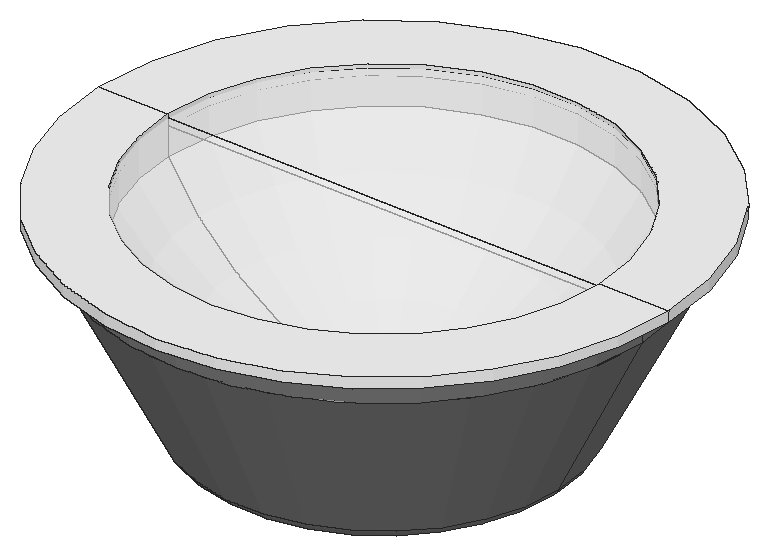
Revit family "30543", category Lighting Fixtures, host Face, Revit 2018
Family settings
  Host = Face
  Round Connector Dimension = Use Diameter
  Part Type = Normal
  OmniClass Number = 23.80.70.00
  OmniClass Title = Lighting
  Cut with Voids When Loaded = No
  Light Source = Yes
  Shared = No
  Room Calculation Point = No
Parameters (values of type "0030543 INSV SL U19 IP44 DALI 200 2500 840 SQ ")
  WidthBezel_SYL = if(Size1_SYL, 20 mm, if(Size2_SYL, 20 mm, if(Size3PIR_SYL, 30 mm, if(Size4_SYL, 20 mm, 20 mm))))  # 20 mm
  Weight = "n/a"
  Wattage Comments = ""
  Wattage = 12 W
  WarrantyStartDate [instance] = "n/a"
  WarrantyGuarantorParts = "n/a"
  WarrantyDurationUnit = "n/a"
  WarrantyDurationParts = ""
  WarrantyDescription = "http://www.sylvania-lighting.com"
  built-in parameter 1150110 = 1 (stored number, unit not read)
  Voltage = 230 V
  VisibilityPIR_SYL = Size3PIR_SYL  # no
  URL = "0.94"
  TypeName = "Insaver Slim UGR19 IP44 DLI 200 2500lm 840 Square"
  Type Image = <None>
  Type Comments = "n/a"
  built-in parameter 1114217 = 1 (stored number, unit not read)
  Tilt Angle = -90.00°
  built-in parameter 1150109 = 1 (stored number, unit not read)
  built-in parameter 1150134 = (empty or 0)
  built-in parameter 1150113 = 1 (stored number, unit not read)
  Size4_SYL = no
  Size3PIR_SYL = no
  Size2_SYL = no
  Size1_SYL = yes
  SerialNumber [instance] = "n/a"
  RadiusTop_SYL = 6 mm
  RadiusReflector_SYL = if(Size1_SYL, 85 mm, if(Size2_SYL, 85 mm, if(Size3PIR_SYL, 85 mm, if(Size4_SYL, 100 mm, 120 mm))))  # 85 mm
  Photometric Web File = "0030543.IES"
  Material_3_FEILO = Top-Sylvania-STARTDownlight
  PowerFactor = 0.9
  PowerConsumption = "Lighting"
  NominalLength = 217 mm
  NominalHeight = 50 mm
  NominalDepth = 165 mm
  Name = "Insaver Slim UGR19 IP44 DLI 200 2500lm 840 Square"
  ModelReference = Name  # "Insaver Slim UGR19 IP44 DLI 200 2500lm 840 Square"
  ModelNumber = "0030543"
  Model = Name  # "Insaver Slim UGR19 IP44 DLI 200 2500lm 840 Square"
  Material = "Feilo Sylvania"
  ManufacturerName = "125 lm/W"
  Manufacturer = ""
  LuminousEfficacy = ""
  built-in parameter 1150105 = 31.446 (stored number, unit not read)
  Lumens = 395.16 lm
  LuminaireType = "0"
  built-in parameter 1150115 = 1 (stored number, unit not read)
  LightOutputRatio = "LED"
  built-in parameter 1150137 = (empty or 0)
  built-in parameter 1150139 = (empty or 0)
  LampsType = Lamp  # "n/a"
  LampNominalLuminous = "4000 K"
  LampMacAdamStep = "80"
  LampColourTemperature = "LED"
  LampColourRenderingIndex = "16500"
  built-in parameter 1150112 = 1 (stored number, unit not read)
  built-in parameter 1150114 = 1 (stored number, unit not read)
  Lamp = "n/a"
  Keynote = "n/a"
  InstallationDate [instance] = "n/a"
  InputVoltage = "0"
  InputNominalFrequency = "4000"
  built-in parameter 1150132 = (empty or 0)
  built-in parameter 1150102 = (empty or 0)
  built-in parameter 1150107 = 3000 (stored number, unit not read)
  built-in parameter 1150138 = (empty or 0)
  IngressProtection = "IfcLightFixtureType"
  ImpactProtectionIndex = "IfcLightFixtureType"
  built-in parameter 1150106 = 0.31446 (stored number, unit not read)
  IfcExportType = "IfcLightFixtureType"
  IfcExportAs = "Class II"
  Height_SYL = if(Size1_SYL, 61 mm, if(Size2_SYL, 61 mm, if(Size3PIR_SYL, 61 mm, if(Size4_SYL, 61 mm, 60 mm))))  # 61 mm
  HeightBezel_SYL = if(Size1_SYL, 3 mm, if(Size2_SYL, 3 mm, if(Size3PIR_SYL, 3 mm, if(Size4_SYL, 3.2 mm, 3 mm))))  # 3 mm
  ExpectedLife = 50000
  Emit from Circle Diameter = Diameter_SYL - 40 mm  # 125 mm
  Emit Shape Visible in Rendering = no
  ElectricShockClassification = "125"
  built-in parameter 1150104 = 3.0593 (stored number, unit not read)
  DurationUnit = "hours"
  DocumentationLiterature = "http://www.sylvania-lighting.com/product/en-int/products/0030543"
  DimmingControlOptions = "n/a"
  Material_2_FEILO = Diffuser-Sylvania-STARTDownlight
  Dimming Lamp Color Temperature Shift = <None>
  Diameter_SYL = if(Size1_SYL, 165 mm, if(Size2_SYL, 190 mm, if(Size3PIR_SYL, 211 mm, if(Size4_SYL, 220 mm, 240 mm))))  # 165 mm
  DiameterTop_SYL = if(Size1_SYL, 98 mm, if(Size2_SYL, 122 mm, if(Size3PIR_SYL, 120 mm, if(Size4_SYL, 135 mm, 158 mm))))  # 98 mm
  DiameterTopBase_SYL = DiameterRecess_SYL  # 150 mm
  DiameterRecess_SYL = if(Size1_SYL, 150 mm, if(Size2_SYL, 170 mm, if(Size3PIR_SYL, 186 mm, if(Size4_SYL, 200 mm, 225 mm))))  # 150 mm
  Description = "Insaver Slim is a ceiling recessed LED downlight (IP44 from the front),Die-cast aluminium body, loop in loop out connector for quick installation, Dimmable DALI driver of TRIDONIC (LCA 25W 350–1050mA one4all SR PRE 28000671), 20W; 2500lm; 125lm/W; 4000K; UGR <19 with shallow product depth 65mm. Meets TP(a) requirements."
  Default Elevation = 1219.2 mm
  CreatedOn = "05/03/2024"
  CreatedBy = "@sylvania-lighting.com"
  Cost = 0
  Color Filter = 16777215
  built-in parameter 1114216 [instance] = (empty or 0)
  ClassificationValue = "EF_70_80"
  ClassificationName = "Uniclass2015"
  Material_1_FEILO = Trim-Sylvania-STARTDownlight-White
  BarCode [instance] = "n/a"
  built-in parameter 1114218 = 1 (stored number, unit not read)
  built-in parameter 1150133 = 10 (stored number, unit not read)
  AssetType = "Fixed"
  AssetIdentifier [instance] = "n/a"
  Assembly Code = "D5020200"
  Apparent Load = 20 VA
  Material_4_FEILO = LED-Sylvania-STARTDownlight
Reference planes
  plane 1 "Center (Front/Back)": y = 0
  plane 2: z = 0
  plane 3 "Center (Left/Right)": x = 0
  plane 4: x = 82.5
  plane 5: x = -82.5
  plane 6: z = 3
  plane 7: z = -8
  plane 8: z = -58
  plane 9: x = -75
  plane 10: x = 75
  plane 11: x = -49
  plane 12: x = 49
  plane 13: z = -85
  plane 14: x = -62.5
  plane 15: z = 2
  plane 16: z = -46
  plane 17: x = -16
  plane 18: x = -67.5
  plane 19: x = -81.5
  plane 20: x = -99.5
  plane 21: x = -76.5
  plane 22: z = 5.5
  plane 23: z = 8.7
  plane 24: x = -75.5
  plane 25: z = 13.7
Forms (mm)
  Revolve 1, void
    sketch origin (0, 0, 0) x (1, 0, 0) y (0, 0, 1)
      loop
        line (0, 0) -> (-75, 0) -> (-75, -85) -> (0, -85) -> (0, 0)
      axis (0, 0) -> (0, -85)
    angle from 360 to 0
  Revolve 2, solid, material "Trim-Sylvania-STARTDownlight-White" <- "Material_1_FEILO"
    sketch origin (0, 0, 0) x (1, 0, 0) y (0, 0, 1)
      loop
        line (-62.5, 3) -> (-82.5, 3) -> (-82.5, 0) -> (-75, 0) -> (-75, -8) -> (-50.681, -54.768)
        arc (-50.681, -54.768) -> (-48.471, -57.129) -> (-45.357, -58) r 6
        line (-45.357, -58) -> (0, -58) -> (0, -46) -> (-16, -46)
        arc (-16, -46) -> (-42.718, -31.243) -> (-62.5, -8) r 85
        line (-62.5, -8) -> (-62.5, 3)
      axis (0, 3) -> (0, -58)
    angle from 360 to 0
  Revolve 3, solid, material "Diffuser-Sylvania-STARTDownlight" <- "Material_2_FEILO"
    sketch origin (0, 0, 0) x (1, 0, 0) y (0, 0, 1)
      loop
        line (-62.5, 0) -> (0, 0) -> (0, 2) -> (-62.5, 2) -> (-62.5, 0)
      axis (0, 2) -> (0, 0)
    angle from 360 to 0
  Revolve 4, solid, material "Trim-Sylvania-STARTDownlight-White" <- "Material_1_FEILO", visible <- "VisibilityPIR_SYL"
    sketch origin (0, 0, 0) x (1, 0, 0) y (0, 0, 1)
      loop
        line (-67.5, 3) -> (-67.5, 13.7)
        arc (-67.5, 13.7) -> (-72.217, 12.347) -> (-75.5, 8.7) r 8.9
        line (-75.5, 8.7) -> (-75.5, 5.5) -> (-76.5, 5.5) -> (-76.5, 3) -> (-67.5, 3)
      axis (-67.5, 13.7) -> (-67.5, 3)
    angle from 360 to 0
Dimensions and locks
  equal spacing: plane 4, plane 3 "Center (Left/Right)", plane 5
  "Diameter_SYL": plane 4 to plane 5
  equal spacing: plane 10, plane 3 "Center (Left/Right)", plane 9
  equal spacing: plane 12, plane 3 "Center (Left/Right)", plane 11
  "DiameterTop_SYL": plane 12 to plane 11
  "HeightBezel_SYL": plane 6 to plane 2
  "Height_SYL": plane 6 to plane 8
  locked: plane 2 to plane 7 at 8
  locked: plane 2 to plane 13 at 85
  "WidthBezel_SYL": plane 14 to plane 5
  locked: plane 6 to plane 15 at 1
  "DiameterRecess_SYL": plane 10 to plane 9
  locked: plane 3 "Center (Left/Right)" to plane 17 at 16
  locked: plane 16 to plane 8 at 12
  locked: plane 18 to plane 21 at 9
  locked: plane 22 to plane 6 at 2.5
  locked: plane 23 to plane 22 at 3.2
  locked: plane 18 to plane 24 at 8
  locked: plane 25 to plane 23 at 5
  locked: plane 25 to Revolve 4 sketch curve at 8.9
  locked: plane 18 to plane 5 at 15
  "RadiusReflector_SYL": radius of Revolve 2 sketch curve
  "RadiusTop_SYL": radius of Revolve 2 sketch curve
  aligned and locked: plane 2 to host face
  aligned and locked: level to host face
  aligned and locked: Revolve 1 sketch curve to plane 3 "Center (Left/Right)"
  aligned and locked: plane 3 "Center (Left/Right)" to Revolve 1 sketch curve
  aligned and locked: Revolve 1 sketch curve to plane 9
  aligned and locked: plane 13 to Revolve 1 sketch curve
  aligned and locked: plane 3 "Center (Left/Right)" to imposter light
  aligned and locked: imposter light to plane 15
  aligned and locked: imposter light to plane 1 "Center (Front/Back)"
  aligned and locked: Revolve 2 sketch curve to plane 3 "Center (Left/Right)"
  aligned and locked: Revolve 2 sketch curve to plane 6
  aligned and locked: Revolve 2 sketch curve to plane 5
  aligned and locked: Revolve 2 sketch curve to level
  aligned and locked: plane 7 to Revolve 2 sketch curve  (x2)
  aligned and locked: Revolve 2 sketch curve to plane 9
  aligned and locked: plane 8 to Revolve 2 sketch curve
  aligned and locked: Revolve 2 sketch curve to plane 14
  aligned and locked: plane 3 "Center (Left/Right)" to Revolve 2 sketch curve
  aligned and locked: Revolve 2 sketch curve to plane 16
  aligned and locked: Revolve 3 sketch curve to plane 3 "Center (Left/Right)"
  aligned and locked: Revolve 3 sketch curve to level
  aligned and locked: imposter light to Revolve 3 sketch curve  (x2)
  aligned and locked: Revolve 4 sketch curve to plane 18  (x2)
  aligned and locked: Revolve 4 sketch curve to plane 6
  aligned and locked: plane 22 to Revolve 4 sketch curve
  aligned and locked: plane 24 to Revolve 4 sketch curve
  aligned and locked: Revolve 4 sketch curve to Revolve 4 sketch curve
  aligned and locked: plane 21 to Revolve 4 sketch curve
Automatic sketch dimensions
  host sketch curve to host sketch curve = 2438.4 mm  (x2)
  plane 13 to Revolve 1 sketch curve = 524.6 mm
  Revolve 1 sketch curve to plane 6 = 2606.058 mm
  Revolve 1 sketch curve to level = 0 mm
  Revolve 2 sketch curve to plane 17 = 0 mm
  Revolve 2 sketch curve to plane 11 = 1.681 mm
  plane 11 to Revolve 2 sketch curve = 3.643 mm
  plane 13 to Revolve 2 sketch curve = 524.6 mm
  Revolve 2 sketch curve to Revolve 2 sketch curve = 2577.983 mm
  Revolve 3 sketch curve to plane 14 = 0 mm
  plane 13 to Revolve 3 sketch curve = 524.6 mm
  Revolve 3 sketch curve to plane 6 = 2606.058 mm
  Revolve 4 sketch curve to plane 23 = 0 mm
  plane 13 to Revolve 4 sketch curve = 524.6 mm
  Revolve 4 sketch curve to Revolve 4 sketch curve = 2595.358 mm
Connectors
  electrical at (0, 0, 0), driven by "Apparent Load", driven by "PowerFactor", driven by "Voltage"
    settings: index 1, voltage 230 V, apparent load 20 VA, apparent load phase1 0 VA, apparent load phase2 0 VA, apparent load phase3 0 VA, power factor 0.9, load classification "Lighting", number of poles 1, system type 30, power factor state 1, is connector primary yes, connector utility no, sub classification motor no, connector description ""
